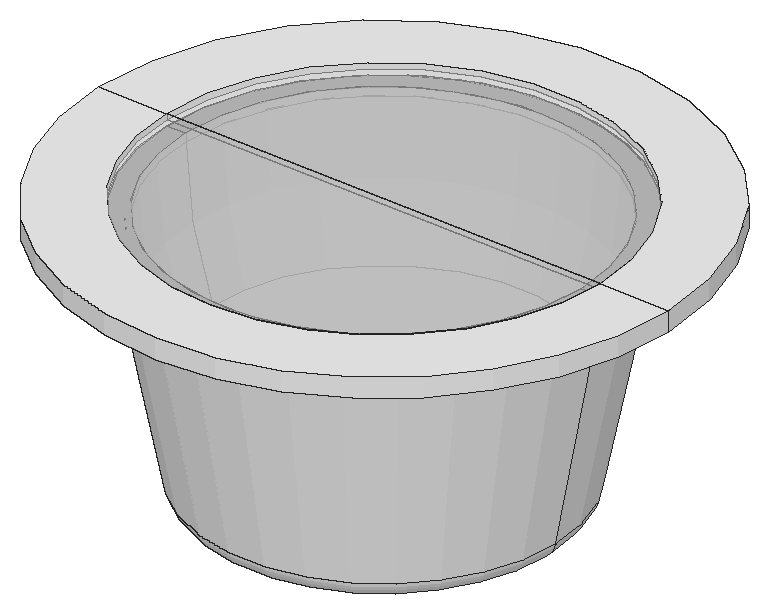
Revit family "2060560+2028034 Sylvania Lighting Fixture ASCENT 100 II ARCH 2700 3K STD 160 with IP44 Clear Glass", category Lighting Fixtures, host Face, Revit 2016
Family settings
  Host = Face
  Part Type = Normal
  Round Connector Dimension = Use Diameter
  OmniClass Number = 23.80.70.11.17
  OmniClass Title = Specialized Lighting by Location or Use
  Cut with Voids When Loaded = No
  Light Source = Yes
  Shared = No
  Room Calculation Point = No
Parameters (values of type "2060560+2028034 ASCT100 II ARCH 2700 3K STD 160 with IP44 Clear Glass")
  WidthBezelAcc_SYL = 25.0 mm
  Weight = "1.2 kg"
  Wattage = 21 W
  WarrantyStartDate [instance] = "n/a"
  WarrantyGuarantorParts = "n/a"
  WarrantyDurationUnit = "n/a"
  WarrantyDurationParts = "n/a"
  WarrantyDescription = "n/a"
  built-in parameter 1150110 = 1 (stored number, unit not read)
  Voltage = 0 V
  VisibilityAccessory_SYL = yes
  TypeName = "ASCENT 100 II ARCH 2700 3K STD 160"
  built-in parameter 1114217 = 1 (stored number, unit not read)
  Tilt Angle = -90°
  built-in parameter 1150109 = 1 (stored number, unit not read)
  built-in parameter 1150134 = (empty or 0)
  built-in parameter 1150113 = 1 (stored number, unit not read)
  SerialNumber [instance] = "n/a"
  ReflectorRadius_SYL = Radius_SYL - 14.5 mm  # 80.0 mm
  RadiusAcc_SYL = 105.0 mm
  Radius_SYL = 94.5 mm
  URL = "http://www.sylvania-lighting.com"
  PowerFactor = 0
  PowerConsumption = "21 W"
  Photometric Web File = "2060560.ies"
  NominalWidth = 0.0 mm
  NominalLength = 0.0 mm
  NominalHeight = 94.0 mm
  Name = "ASCENT 100 II ARCH 2700 3K STD 160"
  ModelReference = "ASCENT 100 II ARCH 2700 3K STD 160"
  ModelNumber = "2060560+2028034"
  Material_4_SYL = none
  Material_3_SYL = Polycarbonate_Sylvania_Ascent_Clear
  Material_2_SYL = Aluminium_Sylvania_Ascent_Silver
  Material_1_SYL = Aluminum_Sylvania_Ascent_White
  Material = "aluminium housing, arcylic diffuser"
  ManufacturerName = "Feilo Sylvania"
  LuminousEfficacy = "126 lm/W"
  built-in parameter 1150105 = 210.56 (stored number, unit not read)
  Lumens = 2646 lm
  LuminaireType = ""
  built-in parameter 1150115 = 1 (stored number, unit not read)
  LightOutputRatio = "100"
  built-in parameter 1150137 = (empty or 0)
  built-in parameter 1150139 = (empty or 0)
  LampsType = Lamp  # "LED"
  LampNominalLuminous = "2649 lm"
  LampMacAdamStep = "3"
  LampColourTemperature = "3000 K"
  LampColourRenderingIndex = "80"
  built-in parameter 1150112 = 1 (stored number, unit not read)
  built-in parameter 1150114 = 1 (stored number, unit not read)
  Keynote = "16500"
  InstallationDate [instance] = "n/a"
  InputVoltage = "n/a"
  InputNominalFrequency = "n/a"
  built-in parameter 1150132 = (empty or 0)
  built-in parameter 1150102 = (empty or 0)
  built-in parameter 1150107 = 3000 (stored number, unit not read)
  built-in parameter 1150138 = (empty or 0)
  IngressProtection = "IP44"
  ImpactProtectionIndex = "IK02"
  built-in parameter 1150106 = 2.1056 (stored number, unit not read)
  IfcExportType = "IfcLightFixtureType"
  IfcExportAs = "IfcLightFixtureType"
  Height_SYL = 94.0 mm
  HeightAcc_SYL = 7.0 mm
  ExpectedLife = 50000
  EmittionSurface_SYL = if(VisibilityAccessory_SYL, 7.0 mm, 3.0 mm)  # 7.0 mm
  Emit from Circle Diameter = DiffuserRadius_SYL * 2  # 146.0 mm
  Emit Shape Visible in Rendering = no
  ElectricShockClassification = "Class II"
  built-in parameter 1150104 = 11.706 (stored number, unit not read)
  DurationUnit = "hours"
  DocumentationLiterature = "http://www.sylvania-lighting.com/product/en-int/products/2060560"
  DimmingControlOptions = "n/a"
  Dimming Lamp Color Temperature Shift = <None>
  DiffuserRadius_SYL = ReflectorRadius_SYL - 7.0 mm  # 73.0 mm
  Diameter_SYL = 2 * Radius_SYL  # 189.0 mm
  CutoutDiameter_SYL = Diameter_SYL - 13.0 mm  # 176.0 mm
  CreatedOn = "9/17/2018"
  CreatedBy = "@sylvania-lighting.com"
  Color Filter = 16777215
  built-in parameter 1114216 [instance] = 1 (stored number, unit not read)
  Model = "ASCENT 100 II ARCH 2700 3K STD 160"
  Manufacturer = "Feilo Sylvania"
  Lamp = "LED"
  Description = "Direct LED retro fit for original LED 100 Arch (160) single CFL lamp offering Matching lumen levels and improved light distribution of original LED 100 CFL lamp equivalents Typically half the power consumption compared to CFL Up to 112lm/W 160mm aperture Architectural reflector accepts range of glass accessories from existing LED 100 Arch 160 offering HE, HO and VHO versions equivalent of single 1 x 18W, 1 x 32W, 1 x 42W\r\n Additional VVHO versions which offer the performance circa 2 x 32W equivalent"  # constant formula
  Default Elevation = 0.0 mm
  built-in parameter 1140040 [instance] = 1
  BarCode [instance] = "n/a"
  built-in parameter 1114218 = 1 (stored number, unit not read)
  built-in parameter 1150133 = 10 (stored number, unit not read)
  AssetType = "Fixed"
  AssetIdentifier [instance] = "n/a"
  Assembly Code = "D5020200"
  Apparent Load = 21 VA
  Aperture_SYL = 2 * ReflectorRadius_SYL  # 160.0 mm
Reference planes
  plane 1 "Center (Front/Back)": y = 0
  plane 2: z = 0
  plane 3 "Center (Left/Right)": x = 0
  plane 4 "Fixture Bottom": z = 3
  plane 5: z = -52.5
  plane 6 "Fixture Top": z = -91
  plane 7: x = -105
  plane 8: z = 7
  plane 9: x = -80
  plane 10: z = 5
  plane 11: x = -103
Forms (mm)
  Extrusion 1, solid, material "Aluminum_Sylvania_Ascent_White", detail levels fine
    sketch origin (0, 0, 0) x (1, 0, 0) y (0, 1, 0)
      loop
        circle (0, 0) r 94.5
      loop
        circle (0, 0) r 80
    from 0 to 3
  Extrusion 2, void
    sketch origin (0, 0, 0) x (1, 0, 0) y (0, 1, 0)
      loop
        circle (0, 0) r 88
    from -91 to 3
  Revolve 3, solid, material "Aluminum_Sylvania_Ascent_White" <- "Material_1_SYL", detail levels fine
    sketch origin (0, 0, 0) x (1, 0, 0) y (0, 0, 1)
      loop
        line (0, -91.073) -> (0, -89.023) -> (-55.468, -89.014)
        arc (-55.468, -89.014) -> (-59.352, -87.613) -> (-61.54, -84.139) r 6.307
        line (-61.54, -84.139) -> (-77.991, -2.844) -> (-77.991, 0) -> (-80, 0) -> (-80, -3) -> (-63.5, -84.536)
        arc (-63.5, -84.536) -> (-60.643, -89.203) -> (-55.5, -91.073) r 8.291
        line (-55.5, -91.073) -> (0, -91.073)
      axis (0, 0) -> (0, -91.073)
    angle from 0 to 360
  Revolve 4, solid, material "Aluminium_Sylvania_Ascent_Silver" <- "Material_2_SYL", detail levels fine
    sketch origin (0, 0, 0) x (1, 0, 0) y (0, 0, 1)
      loop
        line (-80, 3) -> (-80, 0) -> (-75, 0)
        arc (-75, 0) -> (-72.349, -26.77) -> (-64.5, -52.5) r 136.5
        line (-64.5, -52.5) -> (-58, -52.5)
        arc (-58, -52.5) -> (-56.857, -61.521) -> (-53.5, -69.971) r 36.166
        line (-53.5, -69.971) -> (0, -69.971) -> (0, -50.5) -> (-63.16, -50.5)
        arc (-63.16, -50.5) -> (-70.517, -25.725) -> (-73, 0) r 134.5
        line (-73, 0) -> (-73, 3) -> (-80, 3)
      axis (0, 3) -> (0, -69.971)
    angle from 0 to 360
  Extrusion 5, solid, material "Polycarbonate_Sylvania_Ascent_Clear" <- "Material_3_SYL", detail levels fine
    sketch origin (0, 0, 0) x (1, 0, 0) y (0, 1, 0)
      loop
        circle (0, 0) r 73
    from 0 to 3
  Revolve 6, solid, material "Aluminum_Sylvania_Ascent_White" <- "Material_1_SYL", detail levels coarse+medium
    sketch origin (0, 0, 0) x (1, 0, 0) y (0, 0, 1)
      loop
        line (0, -91.073) -> (0, 3) -> (-94.5, 3) -> (-94.5, 0) -> (-79.5, 0) -> (-79.5, -3) -> (-63, -84.536)
        arc (-63, -84.536) -> (-60.143, -89.203) -> (-55, -91.073) r 8.291
        line (-55, -91.073) -> (0, -91.073)
      axis (0, 3) -> (0, -91.073)
    angle from 0 to 360
  Revolve 7, solid, material "Aluminum_Sylvania_Ascent_White" <- "Material_1_SYL", visible <- "VisibilityAccessory_SYL"
    sketch origin (0, 0, 0) x (1, 0, 0) y (0, 0, 1)
      loop
        line (-105, 0) -> (-103, 0) -> (-103, 5) -> (-80, 5) -> (-80, 7) -> (-105, 7) -> (-105, 0)
      axis (0, 7) -> (0, 0)
    angle from 0 to 360
  Revolve 8, solid, material "Polycarbonate_Sylvania_Ascent_Clear" <- "Material_3_SYL", visible <- "VisibilityAccessory_SYL"
    sketch origin (0, 0, 0) x (1, 0, 0) y (0, 0, 1)
      loop
        line (-80, 7) -> (-80, 5) -> (0, 5) -> (0, 7) -> (-80, 7)
      axis (0, 7) -> (0, 5)
    angle from 0 to 360
Lines and regions (mm)
  reference lines
    curve 1: line (-150, 0, 7) -> (125, 0, 7)
Dimensions and locks
  locked: plane 4 "Fixture Bottom" to plane 2 at 3
  "Height_SYL": plane 4 "Fixture Bottom" to plane 6 "Fixture Top"
  "ReflectorRadius_SYL": plane 3 "Center (Left/Right)" to Revolve 4 sketch curve
  locked: Revolve 4 sketch curve to Revolve 4 sketch curve at 15.5
  locked: Revolve 4 sketch curve to Revolve 4 sketch curve at 5
  locked: Revolve 4 sketch curve to Revolve 4 sketch curve at 7
  locked: Revolve 4 sketch curve to Revolve 4 sketch curve at 22
  locked: Revolve 4 sketch curve to Revolve 4 sketch curve at 26.5
  locked: Revolve 3 sketch curve to Revolve 3 sketch curve at 16.5
  locked: Revolve 3 sketch curve to Revolve 3 sketch curve at 24.5
  "ReflectorRadius_SYL": Revolve 3 sketch curve to plane 3 "Center (Left/Right)"
  locked: Revolve 3 sketch curve to plane 6 "Fixture Top" at 6.464
  locked: plane 2 to Revolve 3 sketch curve at 3
  locked: Revolve 3 sketch curve to Revolve 3 sketch curve at 2
  locked: Revolve 3 sketch curve to Revolve 3 sketch curve at 2.009
  locked: plane 2 to plane 5 at 52.5
  locked: Revolve 6 sketch curve to Revolve 6 sketch curve at 31.5
  locked: Revolve 6 sketch curve to Revolve 6 sketch curve at 39.5
  locked: Revolve 6 sketch curve to Revolve 6 sketch curve at 15
  "Radius_SYL": plane 3 "Center (Left/Right)" to Revolve 6 sketch curve
  "RadiusAcc_SYL": plane 3 "Center (Left/Right)" to plane 7
  "HeightAcc_SYL": plane 8 to level
  "WidthBezelAcc_SYL": plane 7 to plane 9
  locked: plane 7 to plane 11 at 2
  locked: plane 8 to plane 10 at 2
  "EmittionSurface_SYL": curve 1 to level
  "CutoutDiameter_SYL": diameter of Extrusion 2 sketch curve
  "ReflectorRadius_SYL": radius of Extrusion 1 sketch curve
  "DiffuserRadius_SYL": radius of Extrusion 5 sketch curve
  "Radius_SYL": radius of Extrusion 1 sketch curve
  aligned and locked: host face to plane 2
  aligned and locked: host face to level
  aligned and locked: plane 4 "Fixture Bottom" to Extrusion 1
  aligned and locked: Extrusion 1 to plane 2
  aligned and locked: Revolve 3 sketch curve to plane 3 "Center (Left/Right)"
  aligned and locked: Revolve 4 sketch curve to plane 3 "Center (Left/Right)"  (x2)
  aligned and locked: plane 4 "Fixture Bottom" to Revolve 4 sketch curve
  aligned and locked: Extrusion 5 to plane 2
  aligned and locked: plane 2 to Revolve 3 sketch curve  (x2)
  aligned and locked: Revolve 6 sketch curve to plane 3 "Center (Left/Right)"
  aligned and locked: plane 6 "Fixture Top" to Extrusion 2
  aligned and locked: Revolve 7 sketch curve to plane 3 "Center (Left/Right)"
  aligned and locked: host face to Revolve 7 sketch curve  (x2)
  aligned and locked: Revolve 7 sketch curve to plane 7
  aligned and locked: plane 8 to Revolve 7 sketch curve
  aligned and locked: plane 9 to Revolve 7 sketch curve
  aligned and locked: Revolve 7 sketch curve to plane 10
  aligned and locked: plane 11 to Revolve 7 sketch curve
  aligned and locked: Revolve 7 to Revolve 8 sketch curve
  aligned and locked: Revolve 8 sketch curve to Revolve 7  (x2)
  aligned and locked: Revolve 8 sketch curve to plane 3 "Center (Left/Right)"  (x2)
  aligned and locked: plane 3 "Center (Left/Right)" to imposter light
  aligned and locked: imposter light to plane 1 "Center (Front/Back)"
  aligned and locked: imposter light to curve 1
Automatic sketch dimensions
  plane 1 "Center (Front/Back)" to Extrusion 2 sketch curve = 0.0 mm
  Extrusion 2 sketch curve to plane 3 "Center (Left/Right)" = 0.0 mm
  Extrusion 1 sketch curve to Extrusion 1 sketch curve = 0.0 mm  (x2)
  plane 1 "Center (Front/Back)" to Extrusion 1 sketch curve = 0.0 mm
  Extrusion 1 sketch curve to plane 3 "Center (Left/Right)" = 0.0 mm
  plane 6 "Fixture Top" to Revolve 3 sketch curve = 0.073 mm
  Revolve 3 sketch curve to plane 6 "Fixture Top" = 6.861 mm
  Revolve 3 sketch curve to Revolve 3 sketch curve = 0.003 mm
  Revolve 3 sketch curve to Revolve 3 sketch curve = 0.009 mm  (x2)
  Revolve 3 sketch curve to Revolve 3 sketch curve = 0.023 mm
  Revolve 3 sketch curve to Revolve 3 sketch curve = 0.072 mm
  Revolve 3 sketch curve to Revolve 3 sketch curve = 0.008 mm
  Revolve 3 sketch curve to plane 6 "Fixture Top" = 1.977 mm
  Revolve 3 sketch curve to Revolve 3 sketch curve = 33.496 mm
  Revolve 3 sketch curve to Revolve 3 sketch curve = 0.028 mm
  plane 4 "Fixture Bottom" to Revolve 3 sketch curve = 82.431 mm
  Revolve 4 sketch curve to Revolve 4 sketch curve = 0.0 mm  (x2)
  Revolve 4 sketch curve to plane 5 = 0.0 mm
  Revolve 4 sketch curve to level = 0.0 mm
  plane 5 to Revolve 4 sketch curve = 2.0 mm
  plane 4 "Fixture Bottom" to Revolve 4 sketch curve = 9.642 mm
  plane 1 "Center (Front/Back)" to Extrusion 5 sketch curve = 0.0 mm
  Extrusion 5 sketch curve to plane 3 "Center (Left/Right)" = 0.0 mm
  Revolve 4 sketch curve to level = 69.971 mm
  Revolve 4 sketch curve to Revolve 4 sketch curve = 2.387 mm
  Revolve 6 sketch curve to level = 0.0 mm
  Revolve 6 sketch curve to plane 3 "Center (Left/Right)" = 0.0 mm
  Revolve 6 sketch curve to Revolve 6 sketch curve = 8.104 mm
  Revolve 6 sketch curve to level = 3.0 mm
  Revolve 6 sketch curve to plane 6 "Fixture Top" = 6.464 mm
  plane 6 "Fixture Top" to Revolve 6 sketch curve = 0.073 mm
  Revolve 6 sketch curve to Revolve 6 sketch curve = 33.496 mm
  plane 4 "Fixture Bottom" to Revolve 6 sketch curve = 82.431 mm
  host sketch curve to host sketch curve = 1704.996 mm
  host sketch curve to host sketch curve = 1500.0 mm
  plane 6 "Fixture Top" to Revolve 7 sketch curve = 281.274 mm
  Revolve 7 sketch curve to plane 8 = 1140.706 mm
  plane 6 "Fixture Top" to Revolve 8 sketch curve = 281.274 mm
  Revolve 8 sketch curve to Revolve 8 sketch curve = 1140.706 mm
  Revolve 3 sketch curve to plane 3 "Center (Left/Right)" = 0.0 mm
  Revolve 6 sketch curve to plane 4 "Fixture Bottom" = 0.0 mm
  plane 7 to curve 1 = 45.0 mm
  plane 3 "Center (Left/Right)" to curve 1 = 125.0 mm
Connectors
  electrical at (0, 0, -91.073), driven by "Apparent Load"
    settings: on Revolve 3, index 1, voltage 240 V, apparent load 0 VA, apparent load phase1 21 VA, apparent load phase2 0 VA, apparent load phase3 0 VA, power factor 1, load classification "Lighting", number of poles 1, system type 31, power factor state 1, is connector primary yes, connector utility no, sub classification motor no, connector description ""
